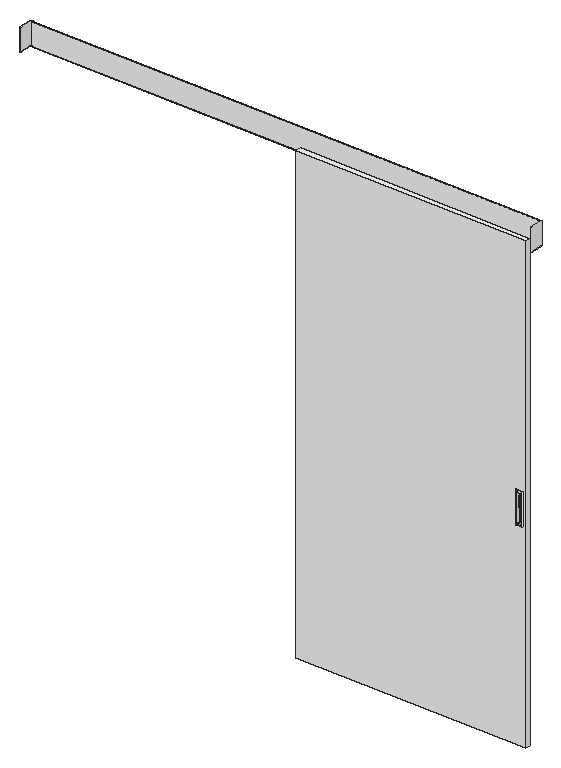
Revit family "LIUNE_D15", category Doors, host Wall, Revit 2016
Family settings
  Host = Wall
  OmniClass Number = 23.30.10.00
  OmniClass Title = Doors
  Always vertical = Yes
  Cut with Voids When Loaded = No
  Shared = No
  Room Calculation Point = No
Parameters (values of type "D15/ LiO10/ Mdf")
  User Covering Lenght = 0 mm
  URL = "http://www.liune.fi"
  Type Comments = "Liune integrated sliding door. The Liune™ delivery includes the ready-welded element, customized door frames and the door leaf. The Liune™ element is patented in the EU, Norway and in the USA. By default, Liune doors include an recessed  handle that can fit into the wall structure and it is included in the delivery. All Liune doors slide completely into the wall, and the entire door opening is unobstructed. The edge of the door becomes visible from the wall frames by pressing the door inward the wall at the height of the  handle, and the door can be  closed. Projecting handle is also suitable, in that case it must be taken into consideration that the width of the door opening will be reduced by 100 mm. For the mounting of cabinets etc. there must be a separate supporting steel plates installed before finishing the surfaces. Installation of Liune sliding door and door  element according to the manufacturer´s instructions. Special instructions apply to Liune products used in wet rooms and saunas. Liune sliding door elements are ready for electric conduits. The automated function is available for special order; maintenance works of the automation equipment take place through the inspection hatch. Soft and self  closing mechanism is also available as an accessory; we recommend using this mechanism only on glass doors. Other accessories include different handles and lock types. More information and instructions are available at www.aulislundell.fi and www.liune.fi"  # constant formula
  Sill to Story [instance] = 0 mm
  Opening Height [instance] = if(IsGlass, Sill to Story + Door Leaf Height, Sill to Story + Door Leaf Height - 35 mm)  # 2100 mm
  Opening = "LiO10"
  OP = if(% Of Open Door > 100, 100, if(% Of Open Door < 0, 0, % Of Open Door))  # 0
  Model = "Liune D15 LiO10"
  Material - Inox = Inox
  Material - Chrome = Chrome
  Material - Black = Black
  Material - Anodized Aluminium = AnodizedAluminium
  Manufacturer = "LIUNE"
  LiO = 10
  Keynote = ""
  IsGlass = no
  Handle Liune Standard 150mm Chrome Mat = yes
  Handle Lexy Round 60mm Inox = no
  H2 = DO1 + 32.5 mm  # 32.5 mm
  H1EL5 = if(IsGlass, Door Leaf Lenght - 81 mm, Door Leaf Lenght + 50 mm)  # 1130 mm
  H1EL4 = if(IsGlass, 30 mm, Door Offset + Door Leaf Thickness)  # 32 mm
  H1EL3 = if(IsGlass, 30 mm, Door Offset)  # 7 mm
  H1EL2 [instance] = H1EL + 75 mm  # 1080 mm
  H1EL1 [instance] = H1EL - 75 mm  # 930 mm
  H1EL [instance] = DoorLeafBottom + 1000 mm  # 1005 mm
  H1 = DO1 + 51 mm  # 51 mm
  Function = Interior
  Height = 0 mm
  Wall Closure = By host
  Width = 0 mm
  Standard Covering Lenght = if(or(LiO = 7, LiO = 8, LiO = 9), 2100 mm, if(or(LiO = 10, LiO = 11), 2400 mm, if(or(LiO = 12, LiO = 13, LiO = 14), 3000 mm, 3000 mm)))  # 2400 mm
  Free Opening = Door Leaf Lenght - 80 mm  # 1000 mm
  FO = (Door Leaf Lenght - 80 mm) / 2  # 500 mm
  FE = Free Opening + 44 mm  # 1044 mm
  DoorLeafTop [instance] = Sill to Story + Bottom Door Gap + Door Leaf Height  # 2140 mm
  DoorLeafBottom [instance] = Sill to Story + Bottom Door Gap  # 5 mm
  Door Offset = 7 mm
  Door Leaf Thickness = if(IsGlass, 8 mm, 25 mm)  # 25 mm
  Door Leaf Lenght = if(LiO = 7, 780 mm, if(LiO = 8, 880 mm, if(LiO = 9, 980 mm, if(LiO = 10, 1080 mm, if(LiO = 11, 1180 mm, if(LiO = 12, 1280 mm, if(LiO = 13, 1380 mm, if(LiO = 14, 1480 mm, 0 mm))))))))  # 1080 mm
  Door Leaf Height Minimum = if(IsGlass, 2100 mm, 2135 mm)  # 2135 mm
  Door Leaf Height Maximum = if(IsGlass, 2300 mm, 2500 mm)  # 2500 mm
  Door Leaf Height = 2135 mm
  Door Leaf = yes
  DO2 = Door Leaf Lenght + (Door Leaf Lenght * (OP / 100))  # 1080 mm
  DO1 = Door Leaf Lenght * (OP / 100)  # 0 mm
  DLF [instance] = Door Leaf Height + Sill to Story  # 2135 mm
  D = 15  # constant formula
  Covering = yes
  Covering Elevation [instance] = if(IsGlass, DoorLeafTop - 2 mm, DoorLeafTop - 35 mm)  # 2105 mm
  Covering Lenght [instance] = if(User Covering Lenght > 0 mm, User Covering Lenght, Standard Covering Lenght)  # 2400 mm
  Construction Type = "Sliding Door"
  Bottom Door Gap = if(IsGlass, 7 mm, 5 mm)  # 5 mm
  Assembly Code = "C1020100"
  5 Material - Door Leaf = SmoothWhite
  5 Material - Covering = SmoothWhite
  4 Material - Door Leaf = if(IsGlass, "GlassGrey, GlassOpal, GlassClear", "SmoothWhite")  # "SmoothWhite"
  1 Handle Luke Rectangle 144mm Silver color = if(IsGlass, 2 < 1, 2 > 1)  # yes
  1 Handle Lucy Round 60mm Inox = 2 > 1  # yes
  1 Handle Lucas Round 55mm Chrome = if(IsGlass, 2 < 1, 2 > 1)  # yes
  1 Handle Lucas Oval 105mm Chrome = if(IsGlass, 2 < 1, 2 > 1)  # yes
  1 Handle Liune Standard 150mm Chrome Mat = if(IsGlass, 2 < 1, 2 > 1)  # yes
  1 Handle Line Projecting 250mm Chrome = if(IsGlass, 2 < 1, 2 > 1)  # yes
  1 Handle Lily Rectangle 304mm Inox = if(IsGlass, 2 > 1, 2 < 1)  # no
  1 Handle Lexy Round 60mm Inox = if(IsGlass, 2 > 1, 2 < 1)  # no
  1 Handle Lexy Round 60mm Black = if(IsGlass, 2 > 1, 2 < 1)  # no
  1 Handle Leo Round 46mm Silver color = if(IsGlass, 2 < 1, 2 > 1)  # yes
  1 Handle Leo Round 46mm Gold = if(IsGlass, 2 < 1, 2 > 1)  # yes
  1 Handle Aune Round 60mm Chrome = if(IsGlass, 2 < 1, 2 > 1)  # yes
  % Of Open Door = 0
Types (16, lengths in mm): name | Opening | Model | LiO | IsGlass | Handle Liune Standard 150mm Chrome Mat | Handle Lexy Round 60mm Inox | H1EL5 | H1EL4 | H1EL3 | H1EL2 | H1EL1 | H1EL | Standard Covering Lenght | Free Opening | FO | FE | DoorLeafTop | DoorLeafBottom | Door Leaf Thickness | Door Leaf Lenght | Door Leaf Height Minimum | Door Leaf Height Maximum | Door Leaf Height | DO2 | DLF | Covering Lenght | Bottom Door Gap | 5 Material - Door Leaf | 5 Material - Covering | 4 Material - Door Leaf | 1 Handle Luke Rectangle 144mm Silver color | 1 Handle Lucas Round 55mm Chrome | 1 Handle Lucas Oval 105mm Chrome | 1 Handle Liune Standard 150mm Chrome Mat | 1 Handle Line Projecting 250mm Chrome | 1 Handle Lily Rectangle 304mm Inox | 1 Handle Lexy Round 60mm Inox | 1 Handle Lexy Round 60mm Black | 1 Handle Leo Round 46mm Silver color | 1 Handle Leo Round 46mm Gold | 1 Handle Aune Round 60mm Chrome
  D15/ LiO7/ Mdf | "LiO7" | "Liune D15 LiO7" | 7 | no | yes | no | 830 | 32 | 7 | 1080 | 930 | 1005 | 2100 | 700 | 350 | 744 | 2140 | 5 | 25 | 780 | 2135 | 2500 | 2135 | 780 | 2135 | 2100 | 5 | SmoothWhite | SmoothWhite | "SmoothWhite" | yes | yes | yes | yes | yes | no | no | no | yes | yes | yes
  D15/ LiO7/ Glass | "LiO7" | "Liune D15 LiO7" | 7 | yes | no | yes | 699 | 30 | 30 | 1082 | 932 | 1007 | 2100 | 700 | 350 | 744 | 2107 | 7 | 8 | 780 | 2100 | 2300 | 2100 | 780 | 2100 | 2100 | 7 | GlassGrey | AnodizedAluminium | "GlassGrey, GlassOpal, GlassClear" | no | no | no | no | no | yes | yes | yes | no | no | no
  D15/ LiO8/ Glass | "LiO8" | "Liune D15 LiO8" | 8 | yes | no | yes | 799 | 30 | 30 | 1082 | 932 | 1007 | 2100 | 800 | 400 | 844 | 2107 | 7 | 8 | 880 | 2100 | 2300 | 2100 | 880 | 2100 | 2100 | 7 | GlassGrey | AnodizedAluminium | "GlassGrey, GlassOpal, GlassClear" | no | no | no | no | no | yes | yes | yes | no | no | no
  D15/ LiO9/ Glass | "LiO9" | "Liune D15 LiO9" | 9 | yes | no | yes | 899 | 30 | 30 | 1082 | 932 | 1007 | 2100 | 900 | 450 | 944 | 2107 | 7 | 8 | 980 | 2100 | 2300 | 2100 | 980 | 2100 | 2100 | 7 | GlassGrey | AnodizedAluminium | "GlassGrey, GlassOpal, GlassClear" | no | no | no | no | no | yes | yes | yes | no | no | no
  D15/ LiO10/ Glass | "LiO10" | "Liune D15 LiO10" | 10 | yes | no | yes | 999 | 30 | 30 | 1082 | 932 | 1007 | 2400 | 1000 | 500 | 1044 | 2107 | 7 | 8 | 1080 | 2100 | 2300 | 2100 | 1080 | 2100 | 2400 | 7 | GlassClear | AnodizedAluminium | "GlassGrey, GlassOpal, GlassClear" | no | no | no | no | no | yes | yes | yes | no | no | no
  D15/ LiO11/ Glass | "LiO11" | "Liune D15 LiO11" | 11 | yes | no | yes | 1099 | 30 | 30 | 1082 | 932 | 1007 | 2400 | 1100 | 550 | 1144 | 2107 | 7 | 8 | 1180 | 2100 | 2300 | 2100 | 1180 | 2100 | 2400 | 7 | GlassClear | AnodizedAluminium | "GlassGrey, GlassOpal, GlassClear" | no | no | no | no | no | yes | yes | yes | no | no | no
  D15/ LiO12/ Glass | "LiO12" | "Liune D15 LiO12" | 12 | yes | no | yes | 1199 | 30 | 30 | 1082 | 932 | 1007 | 3000 | 1200 | 600 | 1244 | 2107 | 7 | 8 | 1280 | 2100 | 2300 | 2100 | 1280 | 2100 | 3000 | 7 | GlassClear | AnodizedAluminium | "GlassGrey, GlassOpal, GlassClear" | no | no | no | no | no | yes | yes | yes | no | no | no
  D15/ LiO13/ Glass | "LiO13" | "Liune D15 LiO13" | 13 | yes | no | yes | 1299 | 30 | 30 | 1082 | 932 | 1007 | 3000 | 1300 | 650 | 1344 | 2107 | 7 | 8 | 1380 | 2100 | 2300 | 2100 | 1380 | 2100 | 3000 | 7 | GlassOpal | AnodizedAluminium | "GlassGrey, GlassOpal, GlassClear" | no | no | no | no | no | yes | yes | yes | no | no | no
  D15/ LiO14/ Glass | "LiO14" | "Liune D15 LiO14" | 14 | yes | no | yes | 1399 | 30 | 30 | 1082 | 932 | 1007 | 3000 | 1400 | 700 | 1444 | 2107 | 7 | 8 | 1480 | 2100 | 2300 | 2100 | 1480 | 2100 | 3000 | 7 | GlassOpal | AnodizedAluminium | "GlassGrey, GlassOpal, GlassClear" | no | no | no | no | no | yes | yes | yes | no | no | no
  D15/ LiO8/ Mdf | "LiO8" | "Liune D15 LiO8" | 8 | no | yes | no | 930 | 32 | 7 | 1080 | 930 | 1005 | 2100 | 800 | 400 | 844 | 2140 | 5 | 25 | 880 | 2135 | 2500 | 2135 | 880 | 2135 | 2100 | 5 | SmoothWhite | SmoothWhite | "SmoothWhite" | yes | yes | yes | yes | yes | no | no | no | yes | yes | yes
  D15/ LiO9/ Mdf | "LiO9" | "Liune D15 LiO9" | 9 | no | yes | no | 1030 | 32 | 7 | 1080 | 930 | 1005 | 2100 | 900 | 450 | 944 | 2140 | 5 | 25 | 980 | 2135 | 2500 | 2135 | 980 | 2135 | 2100 | 5 | SmoothWhite | SmoothWhite | "SmoothWhite" | yes | yes | yes | yes | yes | no | no | no | yes | yes | yes
  D15/ LiO10/ Mdf | "LiO10" | "Liune D15 LiO10" | 10 | no | yes | no | 1130 | 32 | 7 | 1080 | 930 | 1005 | 2400 | 1000 | 500 | 1044 | 2140 | 5 | 25 | 1080 | 2135 | 2500 | 2135 | 1080 | 2135 | 2400 | 5 | SmoothWhite | SmoothWhite | "SmoothWhite" | yes | yes | yes | yes | yes | no | no | no | yes | yes | yes
  D15/ LiO11/ Mdf | "LiO10" | "Liune D15 LiO11" | 11 | no | yes | no | 1230 | 32 | 7 | 1080 | 930 | 1005 | 2400 | 1100 | 550 | 1144 | 2140 | 5 | 25 | 1180 | 2135 | 2500 | 2135 | 1180 | 2135 | 2400 | 5 | SmoothWhite | SmoothWhite | "SmoothWhite" | yes | yes | yes | yes | yes | no | no | no | yes | yes | yes
  D15/ LiO12/ Mdf | "LiO12" | "Liune D15 LiO12" | 12 | no | yes | no | 1330 | 32 | 7 | 1080 | 930 | 1005 | 3000 | 1200 | 600 | 1244 | 2140 | 5 | 25 | 1280 | 2135 | 2500 | 2135 | 1280 | 2135 | 3000 | 5 | SmoothWhite | SmoothWhite | "SmoothWhite" | yes | yes | yes | yes | yes | no | no | no | yes | yes | yes
  D15/ LiO13/ Mdf | "LiO13" | "Liune D15 LiO13" | 13 | no | yes | no | 1430 | 32 | 7 | 1080 | 930 | 1005 | 3000 | 1300 | 650 | 1344 | 2140 | 5 | 25 | 1380 | 2135 | 2500 | 2135 | 1380 | 2135 | 3000 | 5 | SmoothWhite | SmoothWhite | "SmoothWhite" | yes | yes | yes | yes | yes | no | no | no | yes | yes | yes
  D15/ LiO14/ Mdf | "LiO14" | "Liune D15 LiO14" | 14 | no | yes | no | 1530 | 32 | 7 | 1080 | 930 | 1005 | 3000 | 1400 | 700 | 1444 | 2140 | 5 | 25 | 1480 | 2135 | 2500 | 2135 | 1480 | 2135 | 3000 | 5 | SmoothWhite | SmoothWhite | "SmoothWhite" | yes | yes | yes | yes | yes | no | no | no | yes | yes | yes
Reference planes
  plane 1: y = 0
  plane 2 "Center (Left/Right)": x = -150
  plane 3 "Left": x = -650
  plane 4 "Right": x = 350
  plane 5: z = 2100
  plane 6 "Exterior": y = 60
  plane 7 "Interior": y = -60
  plane 8: x = 410
  plane 9: z = 2105
  plane 10 "SillToStory": z = 0
  plane 11 "DoorLeafBottomLevel": z = 5
  plane 12 "DoorR": x = 380
  plane 13 "DoorL": x = -700
  plane 14 "DoorDown": y = 67
  plane 15 "DoorUp": y = 92
  plane 16: x = 380
  plane 17: x = 347.5
  plane 18: x = 329
  plane 19: x = 358.5
  plane 20: x = 336.5
  plane 21: y = 92
  plane 22: y = 82
  plane 23: x = 358.5
  plane 24: x = 336.5
  plane 25: y = 77
  plane 26: y = 67
  plane 27: x = -282.5
  plane 28: z = 2140
  plane 29: x = -556.825
  plane 30: x = 236.825
  plane 31: x = -694
  plane 32: x = 430
  plane 33: x = 490
  plane 34: z = 1005
Forms (mm)
  Extrusion 1, solid, material "SmoothWhite" <- "5 Material - Door Leaf", visible <- "Door Leaf"
    sketch origin (384.782, -10.053, 0) x (1, 0, 0) y (0, 1, 0)
      loop
        line (-1084.782, 102.053) -> (-1084.782, 77.053) -> (-4.782, 77.053) -> (-4.782, 102.053) -> (-1084.782, 102.053)
    from 5 <- "DoorLeafBottom" to 2140 <- "DoorLeafTop"
  Extrusion 2, void
    sketch origin (0, 99.688, 0) x (1, 0, 0) y (0, 1, 0)
      loop
        line (358.5, -7.688) -> (336.5, -7.688) -> (336.5, -17.688) -> (358.5, -17.688) -> (358.5, -7.688)
    from 930 <- "H1EL1" to 1080 <- "H1EL2"
  Extrusion 3, void
    sketch origin (-50, 112.009, 0) x (1, 0, 0) y (0, 1, 0)
      loop
        line (408.5, -35.009) -> (386.5, -35.009) -> (386.5, -45.009) -> (408.5, -45.009) -> (408.5, -35.009)
    from 930 <- "H1EL1" to 1080 <- "H1EL2"
  Extrusion 4, void
    sketch origin (129.191, 92, 1200) x (-1, 0, 0) y (0, 0, 1)
      loop
        circle (-330.809, -195) r 30
    from -8 to 0
Cuts and joins
  Extrusion 2, Extrusion 3, Extrusion 4 cuts Extrusion 1
Lines and regions (mm)
  Opening 1
    outline origin (-3050, -60, 0) x (1, 0, 0) y (0, 0, 1)
      loop
        line (2400, 0) -> (3400, 0) -> (3400, 2100) -> (2400, 2100) -> (2400, 0)
Text (mm)
  text "Exterior" at (-2295.016, 1099.543, 0), in view "Ref. Level"
  text "Exterior" at (0, 1615.38, 3698.081), in view "Left"
  text "Exterior" at (0, 1036.032, 3874.932), in view "Right"
Dimensions and locks
  plane 3 "Left" to plane 4 "Right" = 1000 mm  (x2)
  "Opening Height": plane 5 to host wall
  host wall to plane 5 = 2100 mm  (x2)
  locked: plane 6 "Exterior" to host wall at 0
  locked: plane 7 "Interior" to host wall
  plane 4 "Right" to plane 8 = 60 mm
  "Covering Elevation": plane 9 to level
  "Sill to Story": level to plane 10 "SillToStory"
  "Bottom Door Gap": plane 10 "SillToStory" to plane 11 "DoorLeafBottomLevel"
  "Door Leaf Thickness": plane 15 "DoorUp" to plane 14 "DoorDown"
  "DO1": plane 12 "DoorR" to plane 16
  "DO2": plane 13 "DoorL" to plane 16
  "H1": plane 18 to plane 16
  "H2": plane 17 to plane 16
  "Free Opening": plane 3 "Left" to plane 4 "Right"
  "FO": plane 2 "Center (Left/Right)" to plane 4 "Right"
  "Door Offset": plane 14 "DoorDown" to plane 6 "Exterior"
  locked: plane 20 to plane 19 at 22
  locked: plane 21 to plane 22 at 10
  locked: plane 24 to plane 23 at 22
  locked: plane 25 to plane 26 at 10
  locked: plane 24 to plane 17 at 11
  locked: plane 20 to plane 17 at 11
  "DoorLeafTop": level to plane 28
  locked: plane 29 to plane 13 "DoorL" at 143.175
  locked: plane 12 "DoorR" to plane 30 at 143.175
  "H1EL4": plane 21 to plane 6 "Exterior"
  "H1EL3": plane 26 to plane 6 "Exterior"
  "FE": plane 31 to plane 4 "Right"
  locked: plane 33 to plane 32 at 60
  "H1EL": level to plane 34
  "H1EL5": plane 32 to plane 13 "DoorL"
  aligned and locked: plane 3 "Left" to Opening 1 sketch curve
  aligned and locked: plane 5 to Opening 1 sketch curve  (x2)
  aligned and locked: Opening 1 sketch curve to plane 4 "Right"
  aligned and locked: Opening 1 sketch curve to level
  aligned and locked: host wall to plane 1
  aligned and locked: plane 8 to nested 1
  aligned and locked: nested 1 to plane 9
  aligned and locked: Extrusion 1 sketch curve to plane 13 "DoorL"
  aligned and locked: Extrusion 1 sketch curve to plane 12 "DoorR"
  aligned and locked: Extrusion 1 sketch curve to plane 15 "DoorUp"
  aligned and locked: plane 14 "DoorDown" to Extrusion 1 sketch curve
  aligned and locked: plane 18 to nested 3
  aligned and locked: plane 17 to nested 4
  aligned and locked: nested 2 to plane 17
  aligned and locked: Extrusion 2 sketch curve to plane 19
  aligned and locked: plane 20 to Extrusion 2 sketch curve
  aligned and locked: Extrusion 2 sketch curve to plane 21
  aligned and locked: plane 22 to Extrusion 2 sketch curve
  aligned and locked: Extrusion 3 sketch curve to plane 23
  aligned and locked: plane 24 to Extrusion 3 sketch curve
  aligned and locked: Extrusion 3 sketch curve to plane 25
  aligned and locked: plane 26 to Extrusion 3 sketch curve
  aligned and locked: nested 6 to plane 28
  aligned and locked: plane 28 to nested 5
  aligned and locked: nested 5 to plane 29
  aligned and locked: nested 6 to plane 30
  aligned and locked: nested 7 to plane 31
  aligned and locked: plane 32 to Extrusion 4 sketch curve
  aligned and locked: plane 33 to Extrusion 4 sketch curve
  aligned and locked: plane 34 to Extrusion 4 sketch curve
Nested families
  nested 1: "COVER" at (410, 60, 2105) x (-1, 0, 0) z (0, 1, 0), L <- "Covering Lenght", CoverMaterial <- "5 Material - Covering", visible <- "Covering", type "COVER"
    with W1 58.5 mm, W 60 mm, L1 2398.4 mm, L 2400 mm, CoverMaterial SmoothWhite
  nested 2: "H_Liune" at (347.5, 92, 1005) x (-1, 0, 0) z (0, 1, 0), visible <- "Handle Liune Standard 150mm Chrome Mat", built-in parameter 1001360 <- "H1EL", type "H_Liune"
  nested 3: "H_LexyInox" at (329, 92, 1005) x (1, 0, 0) z (0, 1, 0), built-in parameter 1001360 <- "H1EL", visible <- "Handle Lexy Round 60mm Inox", type "H_LexyInox"
  nested 4: "H_Liune" at (347.5, 67, 1005) x (1, 0, 0) z (0, -1, 0), visible <- "Handle Liune Standard 150mm Chrome Mat", built-in parameter 1001360 <- "H1EL", type "H_Liune"
  nested 5: "Chwytak" at (-556.825, 67, 2140) x (1, 0, 0) z (0, -1, 0), visible <- "IsGlass", type "Chwytak"
  nested 6: "Chwytak" at (236.825, 67, 2140) x (1, 0, 0) z (0, -1, 0), visible <- "IsGlass", type "Chwytak"
  nested 7: "FloorPart" at (-694, 71, 0), visible <- "IsGlass", built-in parameter 1001364 <- "Sill to Story", Material <- "Material - Chrome", type "FloorPart"
    with Material Chrome
Definition of nested family "COVER"
  Parameters
    W1 [instance] = W - 1.5 mm  # 48.5 mm
    W [instance] = 50 mm
    L1 [instance] = L - 1.6 mm  # 1198.4 mm
    L [instance] = 1200 mm
    Default Elevation = 0 mm
    CoverMaterial [instance] = none
  Reference planes
    plane 1 "Center (Front/Back)": y = 0
    plane 2: z = 0
    plane 3 "Center (Left/Right)": x = 0
    plane 4: x = 0
    plane 5: z = 50
    plane 6: x = 1200
    plane 7: x = 1200
  Forms (mm)
    Extrusion 1, solid
      sketch origin (0, 0, 0) x (1, 0, 0) y (0, 1, 0)
        loop
          line (-1219.2, 1219.2) -> (-1219.2, -1219.2) -> (1219.2, -1219.2) -> (1219.2, 1219.2) -> (-1219.2, 1219.2)
      from 0 to -304.8
    Sweep 2, solid, material <- "CoverMaterial"
      path origin (3.125, 0, 0) x (1, 0, 0) y (0, 1, 0)
        loop
          line (-3.125, 0) -> (1196.875, 0)
      profile origin (600, 0, 0) x (0, 1, 0) y (0, 0, 1)
        loop
          arc (0.75, 50) -> (0, 49.25) -> (0.75, 48.5) r 0.75
          line (0.75, 48.5) -> (107.25, 48.5)
          arc (107.25, 48.5) -> (108, 49.25) -> (107.25, 50) r 0.75
          line (107.25, 50) -> (0.75, 50)
    Extrusion 3, solid, material <- "CoverMaterial"
      sketch origin (0, 0, 0) x (1, 0, 0) y (0, 1, 0)
        loop
          arc (0, 0.75) -> (0.75, 0) -> (1.5, 0.75) r 0.75
          line (1.5, 0.75) -> (1.5, 107.25)
          arc (1.5, 107.25) -> (0.75, 108) -> (0, 107.25) r 0.75
          line (0, 107.25) -> (0, 0.75)
      from 0 to 48.5 <- "W1"
    Extrusion 4, solid, material <- "CoverMaterial"
      sketch origin (1010, 0, 0) x (1, 0, 0) y (0, 1, 0)
        loop
          arc (188.5, 0.75) -> (189.25, 0) -> (190, 0.75) r 0.75
          line (190, 0.75) -> (190, 107.25)
          arc (190, 107.25) -> (189.25, 108) -> (188.5, 107.25) r 0.75
          line (188.5, 107.25) -> (188.5, 0.75)
      from 0 to 48.5 <- "W1"
  Cuts and joins
    joined: Sweep 2, Extrusion 3
  Dimensions and locks
    "L": plane 3 "Center (Left/Right)" to Sweep 2 sketch curve
    "W": plane 5 to Extrusion 1
    locked: plane 5 to Sweep 2 sketch curve at 1.5
    locked: Extrusion 4 sketch curve to plane 7 at 1.5
    "L": plane 3 "Center (Left/Right)" to plane 6
    aligned and locked: plane 2 to Extrusion 1
    aligned and locked: level to Extrusion 1
    aligned and locked: plane 4 to Sweep 2 sketch curve
    aligned and locked: plane 5 to Sweep 2 sketch curve
    aligned and locked: plane 3 "Center (Left/Right)" to Extrusion 3 sketch curve
    aligned and locked: plane 7 to Extrusion 4 sketch curve
    aligned and locked: plane 6 to plane 7
  Automatic sketch dimensions
    Extrusion 1 sketch curve to Extrusion 1 sketch curve = 2438.4 mm  (x2)
    plane 1 "Center (Front/Back)" to Sweep 2 sketch curve = 0 mm
    Sweep 2 sketch curve to profile plane = 0.75 mm
    Sweep 2 sketch curve to Sweep 2 sketch curve = 106.5 mm
    Extrusion 3 sketch curve to Extrusion 3 sketch curve = 0.75 mm
    Extrusion 3 sketch curve to plane 1 "Center (Front/Back)" = 0.75 mm
    Extrusion 3 sketch curve to Extrusion 3 sketch curve = 106.5 mm
    Extrusion 4 sketch curve to plane 1 "Center (Front/Back)" = 0.75 mm
    Extrusion 4 sketch curve to Extrusion 4 sketch curve = 106.5 mm
Definition of nested family "H_Liune"
  Parameters
    W = 388.062 mm
    LiuneLogo = none
    Handle = none
    H = 295.804 mm
    Default Elevation = 0 mm
  Reference planes
    plane 1 "Center (Front/Back)": y = 0
    plane 2: z = 0
    plane 3 "Center (Left/Right)": x = 0
    plane 4: x = -17.5
    plane 5: x = 17.5
    plane 6: y = 75
    plane 7: y = -75
  Forms (mm)
    Extrusion 1, solid
      sketch origin (0, 0, 0) x (1, 0, 0) y (0, 1, 0)
        loop
          line (-1219.2, 1219.2) -> (-1219.2, -1219.2) -> (1219.2, -1219.2) -> (1219.2, 1219.2) -> (-1219.2, 1219.2)
      from 0 to -304.8
    Blend 2, solid, material <- "Handle"
      base sketch origin (0, 0, 0) x (1, 0, 0) y (0, 1, 0)
        loop
          line (-17.5, 75) -> (-17.5, -75) -> (17.5, -75) -> (17.5, 75) -> (-17.5, 75)
      top sketch origin (0, 0, 0) x (1, 0, 0) y (0, 1, 0)
        loop
          line (-16, 73.5) -> (-16, -73.5) -> (16, -73.5) -> (16, 73.5) -> (-16, 73.5)
      from 0 to 1.5
    Blend 3, solid, material <- "Handle"
      base sketch origin (0, 0, 0) x (1, 0, 0) y (0, 1, 0)
        loop
          line (7.5, 46) -> (-7.5, 46) -> (-7.5, -3) -> (7.5, -3) -> (7.5, 46)
      top sketch origin (0, 0, 0) x (1, 0, 0) y (0, 1, 0)
        loop
          line (-8, 46.5) -> (-8, -3.5) -> (8, -3.5) -> (8, 46.5) -> (-8, 46.5)
      from -8 to -8.5
    Extrusion 4, solid, material <- "LiuneLogo"
      sketch origin (0, 0, 0) x (1, 0, 0) y (0, 1, 0)
        loop
          line (-6.03, 0.47) -> (-3.97, 0.47) -> (-3.97, 34.206) -> (2.976, 0.47) -> (6.03, 0.47) -> (6.03, 42.53) -> (3.97, 42.53) -> (3.97, 8.794) -> (-2.976, 42.53) -> (-6.03, 42.53) -> (-6.03, 0.47)
      from -8 to -7
    Extrusion 5, void
      sketch origin (0, 0, 0) x (1, 0, 0) y (0, 1, 0)
        loop
          line (8.207, 66.5) -> (-8.207, 66.5) -> (-9.5, 65.207) -> (-9.5, -65.207) -> (-8.207, -66.5) -> (8.207, -66.5) -> (9.5, -65.207) -> (9.5, 65.207) -> (8.207, 66.5)
      from 7.744 to -8.5
    Extrusion 6, solid, material <- "Handle"
      sketch origin (0, 0, 0) x (1, 0, 0) y (0, 1, 0)
        loop
          line (8.207, 66.5) -> (-8.207, 66.5) -> (-9.5, 65.207) -> (-9.5, -65.207) -> (-8.207, -66.5) -> (8.207, -66.5) -> (9.5, -65.207) -> (9.5, 65.207) -> (8.207, 66.5)
        loop
          line (-11, 65.828) -> (-11, -65.828) -> (-8.829, -68) -> (8.829, -68) -> (11, -65.828) -> (11, 65.828) -> (8.829, 68) -> (-8.829, 68) -> (-11, 65.828)
      from -8.5 to 0
    Extrusion 7, solid, material <- "Handle"
      sketch origin (0, 0, 0) x (1, 0, 0) y (0, 1, 0)
        loop
          line (-11, 65.828) -> (-11, -65.828) -> (-8.829, -68) -> (8.829, -68) -> (11, -65.828) -> (11, 65.828) -> (8.829, 68) -> (-8.829, 68) -> (-11, 65.828)
      from -8.5 to -10
  Cuts and joins
    Extrusion 5 cuts Blend 2
    joined: Blend 2, Extrusion 6, Extrusion 7
  Dimensions and locks
    aligned and locked: plane 2 to Extrusion 1
    aligned and locked: level to Extrusion 1
    aligned and locked: Extrusion 6 to cut or joined group of Blend 2, Extrusion 5, Extrusion 6, Extrusion 7
Definition of nested family "H_LexyInox"
  Parameters
    Handle = none
    Default Elevation = 0 mm
  Reference planes
    plane 1 "Center (Front/Back)": y = 0
    plane 2: z = 0
    plane 3 "Center (Left/Right)": x = 0
    plane 4: x = -30
    plane 5: x = 30
    plane 6: y = 30
    plane 7: y = -30
  Forms (mm)
    Extrusion 1, solid
      sketch origin (0, 0, 0) x (1, 0, 0) y (0, 1, 0)
        loop
          line (-1219.2, 1219.2) -> (-1219.2, -1219.2) -> (1219.2, -1219.2) -> (1219.2, 1219.2) -> (-1219.2, 1219.2)
      from 0 to -304.8
    Extrusion 2, solid, material <- "Handle"
      sketch origin (0, 0, 0) x (1, 0, 0) y (0, 1, 0)
        loop
          circle (0, 0) r 30
      from -8 to 0
    Extrusion 3, void
      sketch origin (0, 0, 0) x (1, 0, 0) y (0, 1, 0)
        loop
          arc (1.429, -10) -> (4.358, -17.071) -> (11.429, -20) r 10
          arc (11.429, -20) -> (18.5, -17.071) -> (21.429, -10) r 10
          line (21.429, -10) -> (21.429, 10)
          arc (21.429, 10) -> (18.5, 17.071) -> (11.429, 20) r 10
          arc (11.429, 20) -> (4.358, 17.071) -> (1.429, 10) r 10
          line (1.429, 10) -> (1.429, -10)
      from -7 to 0
    Extrusion 4, void
      sketch origin (0, 0, 0) x (-1, 0, 0) y (0, -1, 0)
        loop
          line (1.429, 10) -> (1.429, -10)
          arc (1.429, -10) -> (4.358, -17.071) -> (11.429, -20) r 10
          arc (11.429, -20) -> (18.5, -17.071) -> (21.429, -10) r 10
          line (21.429, -10) -> (21.429, 10)
          arc (21.429, 10) -> (18.5, 17.071) -> (11.429, 20) r 10
          arc (11.429, 20) -> (4.358, 17.071) -> (1.429, 10) r 10
      from -8 to -1
  Cuts and joins
    Extrusion 3, Extrusion 4 cuts Extrusion 2
  Dimensions and locks
    aligned and locked: plane 2 to Extrusion 1
    aligned and locked: level to Extrusion 1
Definition of nested family "Chwytak"
  Parameters
    Material = none
    Default Elevation = 1219.2 mm
  Reference planes
    plane 1 "Center (Front/Back)": y = 0
    plane 2: z = 0
    plane 3 "Center (Left/Right)": x = 0
  Forms (mm)
    Extrusion 1, solid
      sketch origin (0, 0, 0) x (1, 0, 0) y (0, 1, 0)
        loop
          line (-1219.2, 1219.2) -> (-1219.2, -1219.2) -> (1219.2, -1219.2) -> (1219.2, 1219.2) -> (-1219.2, 1219.2)
      from 0 to -304.8
    Extrusion 2, solid, material <- "Material"
      sketch origin (0, 0, 0) x (1, 0, 0) y (0, 1, 0)
        loop
          arc (-73.675, 0) -> (-48.175, -25.5) -> (-22.675, 0) r 25.5
          line (-22.675, 0) -> (-73.675, 0)
        loop
          arc (22.675, 0) -> (48.175, -25.5) -> (73.675, 0) r 25.5
          line (73.675, 0) -> (22.675, 0)
      from 0 to 1.4
    Extrusion 3, solid, material <- "Material"
      sketch origin (0, 0, 0) x (1, 0, 0) y (0, 1, 0)
        loop
          arc (-73.675, 0) -> (-48.175, -25.5) -> (-22.675, 0) r 25.5
          line (-22.675, 0) -> (-73.675, 0)
        loop
          arc (22.675, 0) -> (48.175, -25.5) -> (73.675, 0) r 25.5
          line (73.675, 0) -> (22.675, 0)
      from -9.4 to -8
  Dimensions and locks
    aligned and locked: plane 2 to Extrusion 1
    aligned and locked: level to Extrusion 1
Definition of nested family "FloorPart"
  Parameters
    Material [instance] = none
  Reference planes
    plane 1 "Center (Front/Back)": y = 0
    plane 2: z = 0
    plane 3 "Center (Left/Right)": x = 0
  Forms (mm)
    Sweep 1, solid, material <- "Material"
      path origin (0, 0, 0) x (1, 0, 0) y (0, 1, 0)
        loop
          line (0, 10.3) -> (0, -10.3)
      profile origin (0, 0, 0) x (1, 0, 0) y (0, 0, 1)
        loop
          line (-33.03, 0) -> (33.14, 0)
          arc (33.14, 0) -> (34.07, 0.537) -> (34.07, 1.611) r 1.074
          line (34.07, 1.611) -> (23.742, 19.5)
          arc (23.742, 19.5) -> (21.912, 21.33) -> (19.412, 22) r 5
          line (19.412, 22) -> (-19.412, 22)
          arc (-19.412, 22) -> (-21.912, 21.33) -> (-23.742, 19.5) r 5
          line (-23.742, 19.5) -> (-34.015, 1.706)
          arc (-34.015, 1.706) -> (-34.015, 0.569) -> (-33.03, 0) r 1.137
    Extrusion 2, void
      sketch origin (0, 0, 0) x (1, 0, 0) y (0, 1, 0)
        loop
          line (-34.796, 6.35) -> (-34.796, -6.35) -> (34.888, -6.35) -> (34.888, 6.35) -> (-34.796, 6.35)
      from 4 to 23
  Cuts and joins
    Extrusion 2 cuts Sweep 1
  Dimensions and locks
    aligned and locked: level to plane 2
